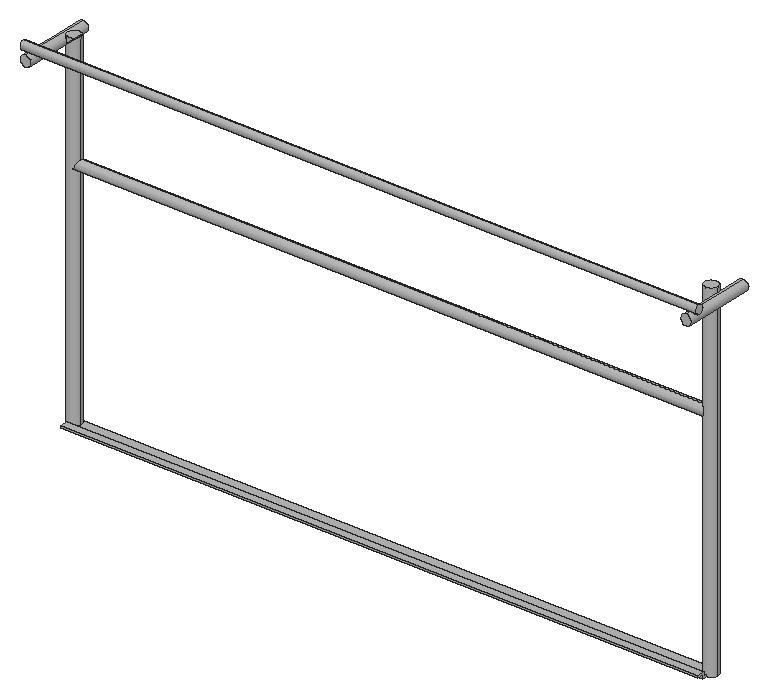
Revit family "WashbasinUnit-Vitra-EqualSeries-64083", category Furniture Systems, host Face, Revit 2017
Family settings
  Host = Face
  Round Connector Dimension = Use Diameter
  Part Type = Normal
  OmniClass Number = 23.40.00.00
  OmniClass Title = Equipment and Furnishings
  Cut with Voids When Loaded = No
  Shared = Yes
  Room Calculation Point = No
Parameters (values of type "WashbasinUnit-Vitra-EqualSeries_64083")
  Youtube = "https://www.youtube.com/user/VitrAglobal"
  Width = 838 mm
  Weight Net (kg) = "24,000"
  Warranty Period (Year) = "2"
  Uniformat II Description = "FURNISHINGS"
  Uniformat II Code = "E20"
  Uniclass 2015 Name = "Wash basins, sinks and troughs"
  Uniclass 2015 Code = "Pr_40_20_93"
  Uniclass 2.0 Description = "Bathroom Cabinets"
  Uniclass 1.4 Description = "Bathroom Cabinets"
  Uniclass 2.0 Code = "PR-35-75-08"
  Uniclass 1.4 Code = "L8241"
  URL = "https://vitraglobal.com/"
  UNSPSC Description = "Bathroom Cabinets"
  UNSPSC Code = "301815"
  Thrid Material = Vitra-AmericanValnut
  Technical description = ""
  Tap hole Options (default) = ""
  Specification = ""
  Secondary Material = Vitra-Crome
  Region South America = "All"
  Region Oceania = "All"
  Region North America = "All"
  Region Middle East = "All"
  Region Europe = "All"
  Region Asia = "All"
  Region Antarctica = "All"
  Region Africa = "All"
  Product group = "Washbasin Unit"
  Product family = "Equal"
  Product data url = "https://www.vitraglobal.com/bathroom-furniture/washbasin-unit/free/equal-washbasin-unit-80-cm-with-towel-holder-sku-64083"
  Product certification = "https://vitraglobal.com/catalogues/quality-certificates"
  Product SKU = "64083"
  Product Guid = ""
  Primary Material = Vitra-Crome
  OmniClass Description = "Bathroom Cabinets"
  OmniClass Code = "23-31 25 13"
  Nominal width = "0.000"
  Nominal height = "0.000"
  NBS Referans Description = "Bathroom Cabinets"
  NBS Referans Code = "35-75-08"
  Model = "64083"
  Masterformat 2014 Description = "Bathroom Unit Modules"
  Masterformat 2014 Code = "13 42 13"
  Manufacturer name = "Vitra"
  Manufacturer = "Vitra"
  Installation instructions = ""
  IFC Classification = "Furniture"
  Height = 88 mm
  Design country = "Turkey"
  Description = "Equal Washbasin Unit, 80 cm, with Towel Holder"
  Depth = 440 mm
  Default Elevation = 580 mm
  Construction Type = "Face Mounted"
  Color = ""
  COBIe Type Category = ""
  BIMobject category = "Bathroom compound units"
  Article No. (default) = "64083"
  Accessories (default) = ""
Reference planes
  plane 1 "Center (Front/Back)": y = 0
  plane 2: z = -0.016
  plane 3 "Center (Left/Right)": x = 75.075
  plane 4: y = 52.868
  plane 5: y = -35.132
  plane 6: z = 439.984
  plane 7: x = 494.075
  plane 8: x = -343.925
  plane 9: x = -319.925
  plane 10: x = 470.075
  plane 11: x = -318.392
  plane 12: x = 470.672
Forms (mm)
  Extrusion 1, solid, material "Vitra-Crome" <- "Primary Material"
    sketch origin (224.075, -31.18, 434.187) x (0, 0, -1) y (0, 1, 0)
      loop
        circle (0, 4.048) r 5
    from 270 to -568
  Extrusion 2, solid, material "Vitra-Crome" <- "Primary Material"
    sketch origin (200.075, 28.368, 1.187) x (0, -1, 0) y (0, 0, -1)
      loop
        line (18, -5.5) -> (28, -5.5) -> (28, -3.5) -> (20, -3.5) -> (20, 1) -> (0, 1) -> (0, -1) -> (18, -1) -> (18, -5.5)
    from 270 to -520
  Extrusion 3, solid, material "Vitra-Crome" <- "Primary Material"
    sketch origin (157.137, 35.464, 366.187) x (0, 0, 1) y (0, 1, 0)
      loop
        circle (-76, -13.597) r 6.5
    from -313.534 to 475.529
  Extrusion 4, solid, material "Vitra-Crome" <- "Primary Material"
    sketch origin (209.009, 52.868, 422.687) x (1, 0, 0) y (0, 0, -1)
      loop
        circle (-543.434, 0) r 6.5
    from 0 to -88
  Extrusion 5, solid, material "Vitra-Crome" <- "Primary Material"
    sketch origin (209.009, 52.868, 422.687) x (1, 0, 0) y (0, 0, -1)
      loop
        circle (275.566, 0) r 6.5
    from 0 to -88
  Extrusion 6, solid, material "Vitra-Crome" <- "Primary Material"
    sketch origin (200.075, 14.784, 432.187) x (-1, 0, 0) y (0, -1, 0)
      loop
        circle (520, -7.084) r 8
    from 0 to -432
  Extrusion 7, solid, material "Vitra-Crome" <- "Primary Material"
    sketch origin (890.047, 14.784, 432.187) x (-1, 0, 0) y (0, -1, 0)
      loop
        circle (420, -7.084) r 8
    from 0 to -432
Dimensions and locks
  "Height": plane 4 to plane 5
  "Depth": plane 6 to host face
  "Width": plane 8 to plane 7
  equal spacing: plane 8, plane 3 "Center (Left/Right)", plane 7
  locked: plane 8 to plane 9 at 24
  locked: plane 10 to plane 7 at 24
  locked: plane 12 to plane 7 at 23.403
  locked: plane 8 to plane 11 at 25.534
  aligned and locked: plane 2 to host face
  aligned and locked: level to host face
  aligned and locked: plane 7 to Extrusion 1
  aligned and locked: plane 8 to Extrusion 1
  aligned and locked: plane 9 to Extrusion 2
  aligned and locked: plane 10 to Extrusion 2
  aligned and locked: plane 11 to Extrusion 3
  aligned and locked: plane 12 to Extrusion 3
Automatic sketch dimensions
  host sketch curve to host sketch curve = 2438.4 mm  (x2)
  Extrusion 1 sketch curve to Extrusion 1 sketch curve = 0 mm  (x2)
  plane 6 to Extrusion 1 sketch curve = 5.797 mm
  plane 5 to Extrusion 1 sketch curve = 8 mm
  plane 6 to Extrusion 1 sketch curve = 0.797 mm
  level to Extrusion 2 sketch curve = 2.187 mm
  Extrusion 2 sketch curve to plane 4 = 24.5 mm
  Extrusion 2 sketch curve to plane 1 "Center (Front/Back)" = 10.368 mm
  Extrusion 2 sketch curve to Extrusion 2 sketch curve = 2 mm  (x2)
  Extrusion 2 sketch curve to plane 1 "Center (Front/Back)" = 0.368 mm
  Extrusion 2 sketch curve to Extrusion 2 sketch curve = 2.5 mm
  level to Extrusion 2 sketch curve = 0.187 mm
  Extrusion 3 sketch curve to Extrusion 3 sketch curve = 0 mm  (x2)
  Extrusion 3 sketch curve to plane 1 "Center (Front/Back)" = 21.868 mm
  plane 6 to Extrusion 3 sketch curve = 149.797 mm
  Extrusion 3 sketch curve to Extrusion 3 sketch curve = 6.5 mm
  Extrusion 4 sketch curve to Extrusion 4 sketch curve = 0 mm  (x2)
  Extrusion 4 sketch curve to plane 8 = 9.5 mm
  plane 6 to Extrusion 4 sketch curve = 17.297 mm
  Extrusion 4 sketch curve to Extrusion 4 sketch curve = 6.5 mm
  Extrusion 5 sketch curve to Extrusion 5 sketch curve = 0 mm  (x2)
  plane 7 to Extrusion 5 sketch curve = 9.5 mm
  plane 6 to Extrusion 5 sketch curve = 17.297 mm
  Extrusion 5 sketch curve to Extrusion 5 sketch curve = 6.5 mm
  Extrusion 7 sketch curve to Extrusion 7 sketch curve = 0 mm  (x2)
  Extrusion 7 sketch curve to Extrusion 7 sketch curve = 8 mm
  Extrusion 6 sketch curve to Extrusion 6 sketch curve = 0 mm  (x2)
  plane 9 to Extrusion 6 sketch curve = 0 mm
  Extrusion 6 sketch curve to plane 1 "Center (Front/Back)" = 21.868 mm
  Extrusion 6 sketch curve to plane 11 = 6.466 mm
